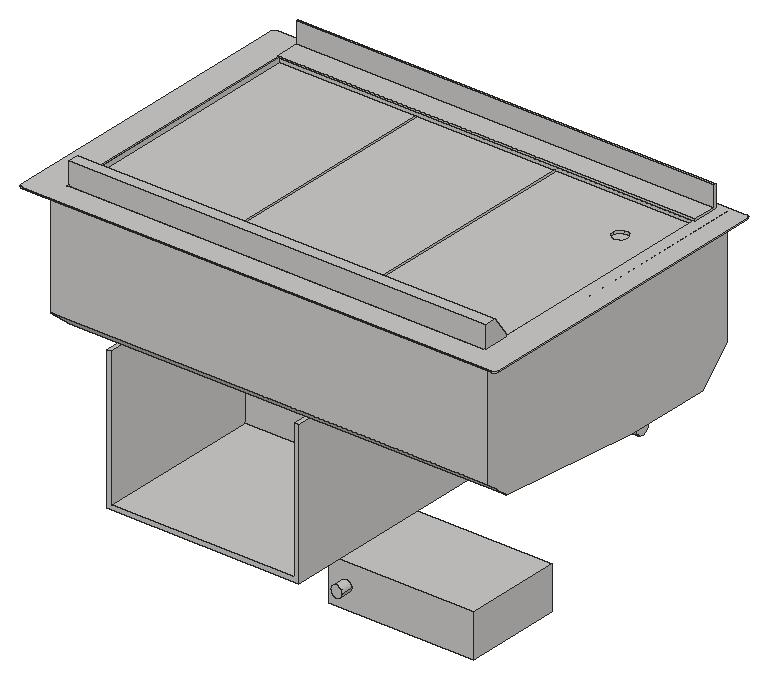
Revit family "QF_ELECTROLUXPROFESSIONAL_341047_D12C3", category Specialty Equipment, Revit 2018
Family settings
  Round Connector Dimension = Use Diameter
  Part Type = Normal
  Work Plane-Based = No
  Always vertical = Yes
  Cut with Voids When Loaded = No
  Shared = No
  Room Calculation Point = No
Parameters (values of type "341047.rfa")
  Weight = 68.70 kg
  Watts = 0 W
  Volts = 0 V
  URL Manufacturer = ""
  URL = ""
  Steam Supply Size = 0 mm
  Steam Supply Minimum Pressure = 0.0 Pa
  Steam Supply Maximum Pressure = 0.0 Pa
  Steam Pounds per Hour = 0
  Show Clearance [instance] = yes
  Remote Electrical Box_Z [instance] = 200.00 mm
  Remote Electrical Box_Y [instance] = 500.00 mm
  Remote Electrical Box_X [instance] = 700.00 mm
  Refrigeration Suction Line Size = 0 mm
  Refrigeration Liquid Line Size = 0 mm
  Refrigerant Compressor Remote = yes
  Manufacturer = ""
  Phase = 0
  Model = ""
  Length Actual = 1120.00 mm  # constant formula
  Item Number = ""
  Hot Water Size = 0 mm
  Height Actual = 710.00 mm  # constant formula
  HP = "0 HP"
  Gas Size = 0 mm
  Gas KW = 0
  Gas Input Pressure = 0 W
  Direct Waste Size = 25.4 mm
  Description = ""
  Depth Actual = 750.00 mm  # constant formula
  Cycle = 0 Hz
  Controller_Y [instance] = 500.00 mm
  Controller_1Z [instance] = 200.00 mm
  Controller_1X [instance] = 300.00 mm
  Condensate Return Size = 0 mm
  Compressed Air Volume = 0.0 L/s
  Compressed Air Size = 0 mm
  Compressed Air Pressure = 0.0 Pa
  Cold Water Size = 0 mm
  Accessory = yes
Types (2, lengths in mm): name | Volts | URL Manufacturer | URL | Manufacturer | Phase | Model | Item Number | Description | Cycle
  341047.rfa | 0 V | "" | "" | "" | 0 | "" | "" | "" | 0 Hz
  Standard | 220 V | "http://professional.electrolux.com" | "http://professional.electrolux.com" | "Electrolux Professional" | 1 | "D12C3" | "341047" | "DROP-IN REFRIGERATED WELL, VENTILATED, 3GN" | 50 Hz
Reference planes
  plane 1 "Centro (Fronte/Retro)": y = 74.737
  plane 2: z = 0
  plane 3 "BACK": y = 449.737
  plane 4 "FRONT": y = -300.263
  plane 5 "RIGHT": x = 45.731
  plane 6 "LEFT": x = -1074.269
  plane 7: x = -514.269
  plane 8 "TOP": z = 900
  plane 9: y = 417.737
  plane 10: y = -268.263
  plane 11: x = -0.769
  plane 12: x = -1027.769
  plane 13: y = 418.957
  plane 14: y = -244.483
  plane 15: x = -1004.269
  plane 16: x = -24.269
  plane 17: z = 898
  plane 18: x = -949.269
  plane 19: x = -499.269
  plane 20: x = -937.269
  plane 21: x = -511.269
  plane 22: x = -1001.269
  plane 23: x = -27.269
  plane 24: y = -229.763
  plane 25: y = 404.237
  plane 26: z = 554
  plane 27: z = 220
  plane 28: x = -677.602
  plane 29: x = -350.935
  plane 30: x = -680.675
  plane 31: x = -674.675
  plane 32: x = -353.862
  plane 33: x = -347.862
  plane 34 "2": y = 258.737
  plane 35 "1": x = -107.019
  plane 36: y = -195.263
  plane 37: y = 344.737
  plane 38: x = -774.269
  plane 39: x = -374.269
  plane 40: y = -50.263
  plane 41: y = -50.263
  plane 42: z = 200
  plane 43: z = 200
Forms (mm)
  Extrusion 1, solid, material "QF_Finishes_Stainless Steel"
    sketch origin (0, 0, 900) x (-1, 0, 0) y (0, -1, 0)
      loop
        arc (1064.269, -449.737) -> (1071.34, -446.808) -> (1074.269, -439.737) r 10
        line (1074.269, -439.737) -> (1074.269, 290.263)
        arc (1074.269, 290.263) -> (1071.34, 297.334) -> (1064.269, 300.263) r 10
        line (1064.269, 300.263) -> (-35.731, 300.263)
        arc (-35.731, 300.263) -> (-42.802, 297.334) -> (-45.731, 290.263) r 10
        line (-45.731, 290.263) -> (-45.731, -439.737)
        arc (-45.731, -439.737) -> (-42.802, -446.808) -> (-35.731, -449.737) r 10
        line (-35.731, -449.737) -> (1064.269, -449.737)
      loop
        line (1004.269, -418.957) -> (1004.269, 244.483) -> (24.269, 244.483) -> (24.269, -418.957) -> (1004.269, -418.957)
    from 0 to -2
  Extrusion 2, solid, material "QF_Finishes_Stainless Steel"
    sketch origin (232.311, 302.737, -30) x (0, -1, 0) y (0, 0, -1)
      loop
        line (107.587, -262) -> (-12.604, -262) -> (-12.604, -560.97) -> (107.587, -560.97) -> (107.587, -262)
    from -1169.58 to -743.58
  Extrusion 3, solid, material "QF_Finishes_Stainless Steel"
    sketch origin (231.731, 362.737, 0) x (0, -1, 0) y (0, 0, -1)
      loop
        line (625.5, -632.83) -> (569.68, -585.991) -> (204.019, -554) -> (-4.68, -554) -> (-74.5, -623.82) -> (-74.5, -898) -> (625.5, -898) -> (625.5, -632.83)
    from -1259.5 to -232.5
  Extrusion 4, solid, material "QF_Finishes_Stainless Steel"
    sketch origin (231.731, 362.737, 0) x (0, -1, 0) y (0, 0, -1)
      loop
        line (603, -950.5) -> (603, -898) -> (543, -898) -> (543, -905.079) -> (576, -950.5) -> (603, -950.5)
      loop
        line (-72, -950.5) -> (-67, -950.5) -> (-67, -903) -> (-12, -903) -> (-12, -898) -> (-72, -898) -> (-72, -950.5)
    from -1236 to -256
  Extrusion 5, void
    sketch origin (0, 0, 900) x (-1, 0, 0) y (0, -1, 0)
      loop
        line (1001.269, 180.263) -> (27.269, 180.263) -> (27.269, -374.737) -> (1001.269, -374.737) -> (1001.269, 180.263)
    from 0 to -15
  Extrusion 6, solid, material "QF_Finishes_Stainless Steel"
    sketch origin (0, 0, 900) x (-1, 0, 0) y (0, -1, 0)
      loop
        line (680.675, -374.737) -> (1001.269, -374.737) -> (1001.269, 180.263) -> (680.675, 180.263) -> (680.675, -374.737)
    from -15 to -10
  Extrusion 7, solid, material "QF_Finishes_Stainless Steel"
    sketch origin (-1028.537, 0, 900) x (1, 0, 0) y (0, 1, 0)
      loop
        line (680.675, 374.737) -> (680.675, -180.263) -> (1001.269, -180.263) -> (1001.269, 374.737) -> (680.675, 374.737)
    from -15 to -10
  Extrusion 8, solid, material "QF_Finishes_Stainless Steel"
    sketch origin (327.813, 0, 900) x (-1, 0, 0) y (0, -1, 0)
      loop
        line (681.675, -374.737) -> (1002.489, -374.737) -> (1002.489, 180.263) -> (681.675, 180.263) -> (681.675, -374.737)
    from -15 to -10
  Extrusion 9, void
    sketch origin (683.03, 184, 535.31) x (0, -1, 0) y (-1, 0, 0)
      loop
        circle (-74.737, 790.049) r 18
    from -364.69 to -18.69
  Sweep 10, solid, material "QF_Finishes_Stainless Steel"
    path origin (0, 258.737, 0) x (-1, 0, 0) y (0, 0, 1)
      loop
        line (107.019, 554) -> (107.019, 506) -> (55.269, 506)
    profile origin (-107.019, 258.737, 530) x (0, 1, 0) y (-1, 0, 0)
      loop
        circle (0, 0) r 18
  Extrusion 11, solid, material "QF_Finishes_Stainless Steel"
    sketch origin (0, 258.737, 0) x (-1, 0, 0) y (0, 0, 1)
      loop
        line (949.269, 554) -> (939.269, 554) -> (939.269, 230) -> (509.269, 230) -> (509.269, 554) -> (499.269, 554) -> (499.269, 220) -> (949.269, 220) -> (949.269, 554)
    from -454 to 86
Cuts and joins
  Extrusion 5 cuts Extrusion 4
  Extrusion 5 cuts Extrusion 3
  Extrusion 9 cuts Extrusion 7
Lines and regions (mm)
  symbolic lines
    curve 1: line (35.731, 449.737, 900) -> (-1064.269, 449.737, 900)
    curve 2: arc (-1064.269, 449.737, 900) -> (-1071.34, 446.808, 900) -> (-1074.269, 439.737, 900) r 10
    curve 3: line (-1074.269, 439.737, 900) -> (-1074.269, -290.263, 900)
    curve 4: arc (-1074.269, -290.263, 900) -> (-1071.34, -297.334, 900) -> (-1064.269, -300.263, 900) r 10
    curve 5: line (-1064.269, -300.263, 900) -> (35.731, -300.263, 900)
    curve 6: arc (35.731, -300.263, 900) -> (42.802, -297.334, 900) -> (45.731, -290.263, 900) r 10
    curve 7: line (45.731, -290.263, 900) -> (45.731, 439.737, 900)
    curve 8: arc (45.731, 439.737, 900) -> (42.802, 446.808, 900) -> (35.731, 449.737, 900) r 10
    curve 9: line (-1004.269, 434.737, 900) -> (-24.269, 434.737, 900)
    curve 10: line (-24.269, 434.737, 900) -> (-24.269, -244.483, 900)
    curve 11: line (-24.269, -244.483, 900) -> (-1004.269, -244.483, 900)
    curve 12: line (-1004.269, -244.483, 900) -> (-1004.269, 434.737, 900)
    curve 13: line (-24.269, 429.737, 900) -> (-1004.269, 429.737, 900)
    curve 14: line (-1004.269, 374.737, 900) -> (-24.269, 374.737, 900)
    curve 15: line (-24.269, -180.263, 900) -> (-1004.269, -180.263, 900)
    curve 16: line (-24.269, -213.263, 900) -> (-1004.269, -213.263, 900)
    curve 17: line (-1004.269, -240.263, 900) -> (-24.269, -240.263, 900)
    curve 18: line (-680.675, -180.263, 900) -> (-680.675, 374.737, 900)
    curve 19: line (-674.675, 374.737, 900) -> (-674.675, -180.263, 900)
    curve 20: line (-1001.269, 374.737, 900) -> (-1001.269, -180.263, 900)
    curve 21: line (-27.269, -180.263, 900) -> (-27.269, 374.737, 900)
    curve 22: line (-353.862, -180.263, 900) -> (-353.862, 374.737, 900)
    curve 23: line (-347.862, 374.737, 900) -> (-347.862, -180.263, 900)
    curve 24: arc (-125.019, 258.737, 900) -> (-107.019, 276.737, 900) -> (-89.019, 258.737, 900) r 18
    curve 25: arc (-89.019, 258.737, 900) -> (-107.019, 240.737, 900) -> (-125.019, 258.737, 900) r 18
  symbolic lines, style "SpecialityEquipmentHiddenLines"
    curve 26: line (-949.269, 344.737, 900) -> (-499.269, 344.737, 900)
    curve 27: line (-949.269, -195.263, 900) -> (-949.269, 344.737, 900)
    curve 28: line (-499.269, -195.263, 900) -> (-949.269, -195.263, 900)
    curve 29: line (-499.269, 344.737, 900) -> (-499.269, -195.263, 900)
    curve 30: line (-1027.769, 437.237, 900) -> (-1027.769, -262.763, 900)
    curve 31: line (-1027.769, -262.763, 900) -> (-0.769, -262.763, 900)
    curve 32: line (-0.769, -262.763, 900) -> (-0.769, 437.237, 900)
    curve 33: line (-0.769, 437.237, 900) -> (-1027.769, 437.237, 900)
Dimensions and locks
  plane 6 "LEFT" to plane 5 "RIGHT" = 1120.00 mm
  equal spacing: plane 3 "BACK", plane 1 "Centro (Fronte/Retro)", plane 4 "FRONT"
  plane 3 "BACK" to plane 4 "FRONT" = 750.00 mm
  plane 6 "LEFT" to plane 7 to plane 5 "RIGHT" = 560.00 mm, 560.00 mm
  locked: plane 8 "TOP" to plane 2 at 900
  locked: plane 6 "LEFT" to plane 12 at 46.5
  locked: plane 11 to plane 5 "RIGHT" at 46.5
  locked: plane 3 "BACK" to plane 9 at 32
  locked: plane 10 to plane 4 "FRONT" at 32
  locked: plane 3 "BACK" to plane 13 at 30.78
  locked: plane 14 to plane 4 "FRONT" at 55.78
  plane 6 "LEFT" to plane 15 = 70.00 mm
  plane 16 to plane 5 "RIGHT" = 70.00 mm
  locked: plane 8 "TOP" to plane 17 at 2
  plane 19 to plane 18 = 450.00 mm
  locked: plane 20 to plane 18 at 12
  locked: plane 19 to plane 21 at 12
  locked: plane 15 to plane 22 at 3
  locked: plane 23 to plane 16 at 3
  plane 19 to plane 7 to plane 18 = 15.00 mm, 435.00 mm
  plane 8 "TOP" to plane 26 = 346.00 mm
  plane 8 "TOP" to plane 27 = 680.00 mm
  equal spacing: plane 15, plane 28, plane 29, plane 16
  plane 15 to plane 16 = 980.00 mm
  plane 26 to plane 27 = 334.00 mm  (x2)
  plane 18 to plane 6 "LEFT" = 125.00 mm
  equal spacing: plane 36, plane 1 "Centro (Fronte/Retro)", plane 37
  plane 36 to plane 37 = 540.00 mm
  "Controller_Y": plane 3 "BACK" to plane 41
  "Remote Electrical Box_Y": plane 3 "BACK" to plane 40
  "Controller_1X": plane 6 "LEFT" to plane 38
  "Remote Electrical Box_X": plane 6 "LEFT" to plane 39
  "Controller_1Z": plane 42 to plane 2
  "Remote Electrical Box_Z": plane 43 to plane 2
  aligned and locked: level to plane 2
  aligned and locked: Extrusion 1 sketch curve to plane 3 "BACK"
  aligned and locked: plane 6 "LEFT" to Extrusion 1 sketch curve
  aligned and locked: plane 4 "FRONT" to Extrusion 1 sketch curve
  aligned and locked: Extrusion 1 sketch curve to plane 5 "RIGHT"
  aligned and locked: Extrusion 1 sketch curve to plane 13
  aligned and locked: plane 15 to Extrusion 1 sketch curve
  aligned and locked: Extrusion 1 sketch curve to plane 14
  aligned and locked: Extrusion 1 sketch curve to plane 16
  aligned and locked: Extrusion 1 to plane 17
  aligned and locked: Extrusion 2 to plane 20
  aligned and locked: Extrusion 2 to plane 21
  aligned and locked: Extrusion 1 to Extrusion 3 sketch curve
  aligned and locked: Extrusion 4 to Extrusion 1  (x2)
  aligned and locked: Extrusion 5 sketch curve to cut or joined group of Extrusion 4, Extrusion 5  (x2)
  aligned and locked: Extrusion 5 sketch curve to plane 22
  aligned and locked: plane 23 to Extrusion 5 sketch curve
  aligned and locked: Extrusion 6 sketch curve to cut or joined group of Extrusion 4, Extrusion 5
  aligned and locked: Extrusion 6 sketch curve to cut or joined group of Extrusion 3, Extrusion 5  (x2)
  aligned and locked: Extrusion 1 to Extrusion 4  (x2)
  aligned and locked: plane 26 to cut or joined group of Extrusion 3, Extrusion 5
  aligned and locked: Extrusion 6 sketch curve to plane 30
  aligned and locked: Extrusion 7 to plane 33
  aligned and locked: Extrusion 8 to plane 32
  aligned and locked: Extrusion 8 to plane 31
  aligned and locked: Extrusion 11 to plane 36
  aligned and locked: plane 37 to Extrusion 11
  aligned and locked: Extrusion 3 to plane 12
  aligned and locked: plane 39 to nested 2
  aligned and locked: plane 38 to nested 1
  aligned and locked: plane 40 to nested 2
  aligned and locked: nested 1 to plane 41
  aligned and locked: plane 43 to nested 2
  aligned and locked: nested 1 to plane 42
Automatic sketch dimensions
  Extrusion 1 sketch curve to plane 5 "RIGHT" = 10.00 mm
  Extrusion 1 sketch curve to plane 3 "BACK" = 10.00 mm  (x2)
  Extrusion 1 sketch curve to Extrusion 1 sketch curve = 10.00 mm
  plane 27 to Extrusion 2 sketch curve = 12.00 mm
  plane 25 to Extrusion 2 sketch curve = 88.896 mm
  Extrusion 2 sketch curve to plane 26 = 23.03 mm
  Extrusion 2 sketch curve to Extrusion 2 sketch curve = 120.191 mm
  Extrusion 3 sketch curve to plane 26 = 0.00 mm
  Extrusion 3 sketch curve to plane 3 "BACK" = 12.50 mm
  plane 25 to Extrusion 3 sketch curve = 36.82 mm
  Extrusion 3 sketch curve to plane 1 "Centro (Fronte/Retro)" = 83.981 mm
  plane 24 to Extrusion 3 sketch curve = 22.82 mm
  plane 10 to Extrusion 3 sketch curve = 5.50 mm
  plane 26 to Extrusion 3 sketch curve = 78.83 mm
  plane 26 to Extrusion 3 sketch curve = 69.82 mm
  plane 26 to Extrusion 3 sketch curve = 31.991 mm
  Extrusion 7 sketch curve to plane 33 = 0.00 mm
  Extrusion 7 sketch curve to plane 23 = 0.00 mm
  Extrusion 7 sketch curve to plane 25 = 29.50 mm
  Extrusion 7 sketch curve to plane 24 = 49.50 mm
  Extrusion 8 sketch curve to plane 32 = 0.00 mm
  Extrusion 8 sketch curve to plane 31 = 0.00 mm
  plane 25 to Extrusion 8 sketch curve = 29.50 mm
  plane 24 to Extrusion 8 sketch curve = 49.50 mm
  Extrusion 9 sketch curve to Extrusion 9 sketch curve = 0.00 mm  (x2)
  plane 19 to Extrusion 9 sketch curve = 392.25 mm
  plane 25 to Extrusion 9 sketch curve = 145.50 mm
  plane 19 to Extrusion 9 sketch curve = 374.25 mm
  Extrusion 4 sketch curve to plane 17 = 0.00 mm  (x2)
  Extrusion 4 sketch curve to plane 3 "BACK" = 15.00 mm
  plane 8 "TOP" to Extrusion 4 sketch curve = 3.00 mm
  plane 25 to Extrusion 4 sketch curve = 29.50 mm
  plane 8 "TOP" to Extrusion 4 sketch curve = 5.079 mm
  plane 24 to Extrusion 4 sketch curve = 49.50 mm
  plane 24 to Extrusion 4 sketch curve = 16.50 mm
  plane 14 to Extrusion 4 sketch curve = 4.22 mm
  Extrusion 4 sketch curve to Extrusion 4 sketch curve = 47.50 mm
  plane 8 "TOP" to Extrusion 4 sketch curve = 50.50 mm
  Extrusion 4 sketch curve to Extrusion 4 sketch curve = 5.00 mm
  plane 35 "1" to Sweep 10 sketch curve = 0.00 mm
  Sweep 10 sketch curve to plane 26 = 0.00 mm
  Sweep 10 sketch curve to plane 26 = 48.00 mm
  Sweep 10 sketch curve to plane 23 = 28.00 mm
  Sweep 10 sketch curve to Sweep 10 sketch curve = 0.00 mm  (x2)
  Sweep 10 sketch curve to plane 34 "2" = 0.00 mm
  Sweep 10 sketch curve to profile plane = 0.00 mm
  Sweep 10 sketch curve to Sweep 10 sketch curve = 18.00 mm
  Extrusion 11 sketch curve to plane 19 = 0.00 mm
  Extrusion 11 sketch curve to plane 26 = 0.00 mm  (x2)
  Extrusion 11 sketch curve to plane 18 = 0.00 mm
  Extrusion 11 sketch curve to plane 27 = 0.00 mm
  plane 21 to Extrusion 11 sketch curve = 2.00 mm
  Extrusion 11 sketch curve to plane 20 = 2.00 mm
  plane 27 to Extrusion 11 sketch curve = 10.00 mm
  curve 6 to plane 5 "RIGHT" = 0.00 mm
  curve 6 to plane 4 "FRONT" = 0.00 mm
  curve 8 to plane 3 "BACK" = 0.00 mm
  curve 10 to plane 16 = 0.00 mm
  curve 21 to plane 23 = 0.00 mm
  curve 24 to plane 34 "2" = 0.00 mm
  curve 25 to plane 35 "1" = 0.00 mm
  curve 23 to plane 33 = 0.00 mm
  curve 22 to plane 32 = 0.00 mm
  curve 28 to plane 19 = 0.00 mm
  curve 19 to plane 31 = 0.00 mm
  curve 18 to plane 30 = 0.00 mm
  curve 27 to plane 18 = 0.00 mm
  curve 20 to plane 22 = 0.00 mm
  curve 16 to plane 15 = 0.00 mm
  curve 3 to plane 6 "LEFT" = 0.00 mm
  curve 26 to plane 37 = 0.00 mm
  curve 27 to plane 36 = 0.00 mm
  curve 12 to plane 14 = 0.00 mm
  curve 7 to curve 8 = 10.00 mm
  plane 4 "FRONT" to curve 6 = 10.00 mm
  plane 4 "FRONT" to curve 4 = 10.00 mm
  curve 2 to curve 2 = 10.00 mm
  curve 9 to plane 3 "BACK" = 15.00 mm
  curve 24 to curve 24 = 18.00 mm
  curve 9 to curve 13 = 5.00 mm
  plane 25 to curve 21 = 29.50 mm
  plane 36 to curve 21 = 15.00 mm
  plane 24 to curve 16 = 16.50 mm
  curve 17 to curve 11 = 4.22 mm
  curve 31 to plane 11 = 0.00 mm
  curve 30 to plane 12 = 0.00 mm
  plane 10 to curve 31 = 5.50 mm
  curve 32 to plane 3 "BACK" = 12.50 mm
Nested families
  nested 1: "Controller" at (-774.269, -50.263, 200), type "Controller"
  nested 2: "Remote_Electrical_Box" at (-374.269, 64.737, 100), type "Remote_Electrical_Box"
  nested 3: "Refrigerator" at (-134.269, -110.263, 900), type "Refrigerator"
Connectors
  piping at (-55.269, 258.737, 506), diameter 36
    settings: on Sweep 10, index 1, connector inside diameter 609.6 mm, connector length 0.00 mm, flow factor 0, pipe flow 0.0 L/s, pressure drop 0.0 Pa, fitting loss kfactor 0, connector angle 0.00°, fixture units 0, engagement length 0.00 mm, angle of deflection 0.00°, flow configuration 1, flow direction 1, fitting loss method 0, system type 16, joint type 0, gender type 0, connector reference index -1, connector utility 0, adjustable connector no, is connector primary yes, connector description "Drain"
  electrical at (-504.269, -77.263, 149.381)
    settings: on nested 2, index 2, voltage 0 V, apparent load 0 VA, apparent load phase1 0 VA, apparent load phase2 0 VA, apparent load phase3 0 VA, power factor 1, load classification "Altro", number of poles 1, system type 14, power factor state 1, is connector primary yes, connector utility no, sub classification motor no, connector description ""
Definition of nested family "Controller"
  Reference planes
    plane 1 "Center (Front/Back)": y = 0
    plane 2: z = 0
    plane 3 "Center (Left/Right)": x = 0
  Forms (mm)
    Extrusion 1, solid
      sketch origin (0, 44.769, -48.2) x (1, 0, 0) y (0, 1, 0)
        loop
          line (-76, 43.231) -> (-76, -47.65) -> (76, -47.65) -> (76, 43.231) -> (-76, 43.231)
      from 6.2 to 48.2
    Extrusion 2, solid
      sketch origin (0, 44.769, -48.2) x (1, 0, 0) y (0, 0, 1)
        loop
          line (-92.25, 54.4) -> (-92.25, 0) -> (92.25, 0) -> (92.25, 54.4) -> (-92.25, 54.4)
        loop
          line (-76, 48.2) -> (-76, 6.2) -> (76, 6.2) -> (76, 48.2) -> (-76, 48.2)
      from 44.769 to 47.65
    Extrusion 3, solid
      sketch origin (76, -2.881, -48.2) x (-1, 0, 0) y (0, 0, -1)
        loop
          line (106, -37.2) -> (126, -37.2) -> (126, -17.2) -> (106, -17.2) -> (106, -37.2)
        loop
          line (66, -37.2) -> (86, -37.2) -> (86, -17.2) -> (66, -17.2) -> (66, -37.2)
        loop
          line (26, -37.2) -> (46, -37.2) -> (46, -17.2) -> (26, -17.2) -> (26, -37.2)
      from 0 to 2
    Extrusion 4, void
      sketch origin (0, 0, 0) x (1, 0, 0) y (0, 1, 0)
        loop
          line (76, 88) -> (-76, 88) -> (-76, 0) -> (76, 0) -> (76, 88)
      from 0 to -42
  Cuts and joins
    Extrusion 4 cuts Extrusion 2
    joined: Extrusion 1, Extrusion 2
  Lines and regions (mm)
    symbolic lines
      curve 1: line (-76, 88, 0) -> (-76, 0, 0)
      curve 2: line (76, 88, 0) -> (-76, 88, 0)
      curve 3: line (76, 0, 0) -> (76, 88, 0)
      curve 4: line (-92.25, -2.881, 0) -> (92.25, -2.881, 0)
      curve 5: line (-92.25, 0, 0) -> (-92.25, -2.881, 0)
      curve 6: line (92.25, 0, 0) -> (-92.25, 0, 0)
      curve 7: line (92.25, -2.881, 0) -> (92.25, 0, 0)
  Dimensions and locks
    aligned and locked: level to plane 2
Definition of nested family "Remote_Electrical_Box"
  Parameters (values of type "Remote_Electrical_Box")
    Default Elevation = 1219.20 mm
  Reference planes
    plane 1 "Center (Front/Back)": y = 0
    plane 2: z = 0
    plane 3 "Center (Left/Right)": x = 0
    plane 4: x = -170
    plane 5: x = 170
    plane 6: y = 115
    plane 7: y = -115
    plane 8: z = 100
    plane 9: z = 50
  Forms (mm)
    Extrusion 1, solid
      sketch origin (0, 0, 0) x (1, 0, 0) y (0, 1, 0)
        loop
          line (-170, 115) -> (-170, -115) -> (170, -115) -> (170, 115) -> (-170, 115)
      from 0 to 100
    Extrusion 2, solid
      sketch origin (0, 0, 0) x (1, 0, 0) y (0, 0, 1)
        loop
          circle (-130, 49.381) r 13
      from 115 to 142
  Lines and regions (mm)
    symbolic lines
      curve 1: line (-170, 115, 0) -> (170, 115, 0)
      curve 2: line (-170, -115, 0) -> (-170, 115, 0)
      curve 3: line (170, -115, 0) -> (-170, -115, 0)
      curve 4: line (170, 115, 0) -> (170, -115, 0)
      curve 5: line (-143, -142, 0) -> (-117, -142, 0)
      curve 6: line (-143, -142, 0) -> (-143, -115, 0)
      curve 7: line (-117, -142, 0) -> (-117, -115, 0)
  Dimensions and locks
    equal spacing: plane 4, plane 3 "Center (Left/Right)", plane 5
    equal spacing: plane 6, plane 1 "Center (Front/Back)", plane 7
    plane 4 to plane 5 = 340.00 mm
    plane 6 to plane 7 = 230.00 mm
    Extrusion 1 to Extrusion 2 sketch curve = 40.00 mm
    equal spacing: plane 8, plane 9, plane 2
    aligned and locked: level to plane 2
    aligned and locked: Extrusion 1 sketch curve to plane 6
    aligned and locked: plane 4 to Extrusion 1 sketch curve
    aligned and locked: plane 7 to Extrusion 1 sketch curve
    aligned and locked: Extrusion 1 sketch curve to plane 5
    aligned and locked: plane 7 to Extrusion 2
    aligned and locked: plane 8 to Extrusion 1
  Automatic sketch dimensions
    level to Extrusion 2 sketch curve = 49.381 mm
    curve 3 to plane 4 = 0.00 mm
    curve 7 to plane 7 = 0.00 mm
    curve 3 to plane 5 = 0.00 mm
    curve 2 to plane 6 = 0.00 mm
    plane 4 to curve 6 = 27.00 mm
    curve 5 to curve 6 = 27.00 mm
    curve 6 to curve 7 = 26.00 mm
    radius of Extrusion 2 sketch curve = 13.00 mm
Definition of nested family "Refrigerator"
  Reference planes
    plane 1 "Center (Front/Back)": y = 0
    plane 2: z = 0
    plane 3 "Center (Left/Right)": x = 0
  Lines and regions (mm)
    detail lines, in view "Ref. Level"
      curve 1: line (0, -60, 0) -> (0, 60, 0)
      curve 2: line (-51.962, 30, 0) -> (51.962, -30, 0)
      curve 3: line (-51.962, -30, 0) -> (51.962, 30, 0)
      curve 4: line (19.116, 56.873, 0) -> (0, 35, 0)
      curve 5: line (0, 35, 0) -> (-19.116, 56.873, 0)
      curve 6: line (-30.311, 17.5, 0) -> (-40, 45.883, 0)
      curve 7: line (-59.736, 11.7, 0) -> (-30.311, 17.5, 0)
      curve 8: line (-30.311, -17.5, 0) -> (-59.736, -11.7, 0)
      curve 9: line (-40, -45.883, 0) -> (-30.311, -17.5, 0)
      curve 10: line (0, -35, 0) -> (-19.116, -56.873, 0)
      curve 11: line (19.116, -56.873, 0) -> (0, -35, 0)
      curve 12: line (30.311, -17.5, 0) -> (39.696, -44.992, 0)
      curve 13: line (58.812, -11.882, 0) -> (30.311, -17.5, 0)
      curve 14: line (30.311, 17.5, 0) -> (58.812, 11.882, 0)
      curve 15: line (39.696, 44.992, 0) -> (30.311, 17.5, 0)
